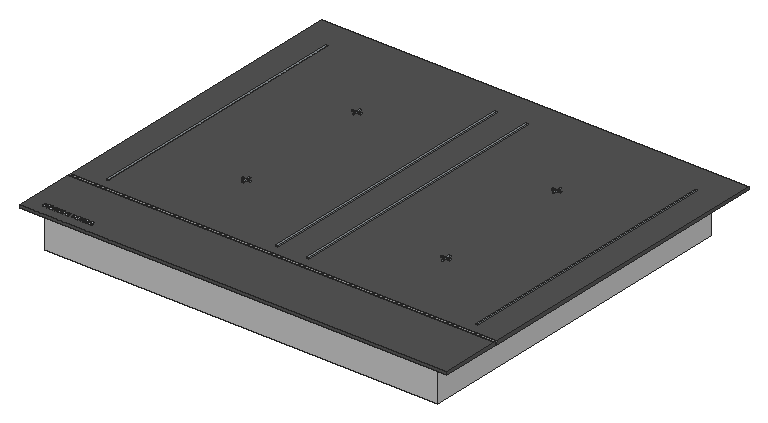
Revit family "FP_Revit_18_CI604DTB2_Cooktop_90000847A", category Specialty Equipment, Revit 2018
Family settings
  Round Connector Dimension = Use Diameter
  Part Type = Normal
  OmniClass Number = 23.40.40.14.17.11
  OmniClass Title = Cookers, Ovens, Stoves
  Work Plane-Based = No
  Always vertical = Yes
  Cut with Voids When Loaded = Yes
  Shared = No
  Room Calculation Point = No
Parameters
  Visibility - Clearance Required = yes
  URL = "www.fisherpaykel.com"
  Product - Width = 599 mm  # constant formula
  Product - Height = 54 mm  # constant formula
  Product - Depth = 530 mm  # constant formula
  Model = "CI604DTB2"
  Material - Trim = Fisher & Paykel - Steel, Chrome Plated
  Material - Graphics = Fisher & Paykel - Graphics Grey
  Material - Cooktop = Fisher & Paykel - Glass, Black
  Material - Body = Fisher & Paykel - Grey
  Manufacturer = "Fisher & Paykel Appliances"
  FFL Offset [instance] = 900 mm
  Description = "60cm Induction Cooktop"
  Connector Note - Electrical = "220-240 V, 30 A, 50 Hz,"
  Clearance - Side Combustible = 30 mm  # constant formula
  Clearance - Rear Combustible = 30 mm  # constant formula
  Clearance - Overhead Rangehood = 650 mm  # constant formula
  Clearance - Below = 65 mm  # constant formula
  Chassis - Width = 552 mm  # constant formula
  Chassis - Height = 49 mm  # constant formula
  Chassis - Depth = 480 mm  # constant formula
  Cavity - Width = 560 mm  # constant formula
  Cavity - Height = 65 mm  # constant formula
  Cavity - Depth = 490 mm  # constant formula
Reference planes
  plane 1 "Datum": y = 0
  plane 2: z = 0
  plane 3 "Center (Left/Right)": x = 0
  plane 4 "Product LHS": x = -299.5
  plane 5 "Product RHS": x = 299.5
  plane 6 "Product - Depth": y = 530
  plane 7 "Cavity LHS": x = -280
  plane 8 "Cavity RHS": x = 280
  plane 9 "Cavity - Depth": y = 497.2
  plane 10 "Chassis Front": y = 13.2
  plane 11 "Chassis - Depth": y = 493.2
  plane 12 "Cavity - Front": y = 7.2
  plane 13 "Basepan": z = 851
  plane 14 "Benchtop": z = 900
  plane 15 "Glass": z = 905
Forms (mm)
  Extrusion 1, solid, material "Fisher & Paykel - Glass, Black" <- "Material - Cooktop"
    sketch origin (0, 0, 0) x (0, 1, 0) y (0, 0, 1)
      loop
        line (0, 905) -> (0, 901) -> (85, 901) -> (85, 905) -> (0, 905)
      loop
        line (530, 905) -> (88, 905) -> (88, 901) -> (530, 901) -> (530, 905)
    from -299.5 to 299.5
  Extrusion 2, solid, material "Fisher & Paykel - Clearance Required (Cutout)", visible <- "Visibility - Clearance Required", detail levels coarse
    sketch origin (0, 24.768, 0) x (1, 0, 0) y (0, 1, 0)
      loop
        line (-280, 472.432) -> (-280, -17.568) -> (280, -17.568) -> (280, 472.432) -> (-280, 472.432)
    from 835 to 900
  Extrusion 3, solid, material "Fisher & Paykel - Steel, Chrome Plated" <- "Material - Trim", detail levels medium+fine
    sketch origin (0, 0, 0) x (0, 1, 0) y (0, 0, 1)
      loop
        line (88, 906) -> (85, 906) -> (85, 901) -> (88, 901) -> (88, 906)
    from -299.5 to 299.5
  Extrusion 4, solid, material "Fisher & Paykel - Clearance Required (Rangehood)", visible <- "Visibility - Clearance Required", detail levels coarse
    sketch origin (0, 0, 0) x (1, 0, 0) y (0, 1, 0)
      loop
        line (-310, 0) -> (310, 0) -> (310, 527.2) -> (-310, 527.2) -> (-310, 0)
    from 905 to 1555
  Extrusion 5, solid, material "Fisher & Paykel - Grey" <- "Material - Body"
    sketch origin (0, 0, 0) x (0, 1, 0) y (0, 0, 1)
      loop
        line (493.2, 851) -> (493.2, 900) -> (13.2, 900) -> (13.2, 851) -> (493.2, 851)
    from -276 to 276
  Extrusion 6, solid, material "Fisher & Paykel - Grey" <- "Material - Body"
    sketch origin (-151, 0, 0) x (1, 0, 0) y (0, 1, 0)
      loop
        line (-132, 520.2) -> (-132, 8.39) -> (434, 8.39) -> (434, 520.2) -> (-132, 520.2)
    from 900 to 901
  Extrusion 7, solid, material "Fisher & Paykel - Graphics Grey" <- "Material - Graphics", detail levels fine
    sketch origin (0, 0, 0) x (1, 0, 0) y (0, 1, 0)
      loop
        line (-260.343, 487.587) -> (-260.343, 103.669) -> (-258.143, 103.669) -> (-258.143, 487.587) -> (-260.343, 487.587)
      loop
        line (257.988, 487.856) -> (257.988, 103.669) -> (260.188, 103.669) -> (260.188, 487.856) -> (257.988, 487.856)
      loop
        line (22.728, 103.669) -> (22.728, 487.856) -> (20.728, 487.856) -> (20.728, 103.669) -> (22.728, 103.669)
      loop
        line (-20.643, 487.856) -> (-22.842, 487.856) -> (-22.842, 103.669) -> (-20.643, 103.669) -> (-20.643, 487.856)
      loop
        line (-141.406, 398.249) -> (-141.406, 393.083) -> (-146.572, 393.083) -> (-146.572, 391.115) -> (-141.406, 391.115) -> (-141.406, 385.949) -> (-139.438, 385.949) -> (-139.438, 391.115) -> (-134.272, 391.115) -> (-134.272, 393.083) -> (-139.438, 393.083) -> (-139.438, 398.249) -> (-141.406, 398.249)
      loop
        line (-141.406, 204.234) -> (-141.406, 199.068) -> (-146.572, 199.068) -> (-146.572, 197.1) -> (-141.406, 197.1) -> (-141.406, 191.934) -> (-139.438, 191.934) -> (-139.438, 197.1) -> (-134.272, 197.1) -> (-134.272, 199.068) -> (-139.438, 199.068) -> (-139.438, 204.234) -> (-141.406, 204.234)
      loop
        line (141.406, 398.249) -> (139.438, 398.249) -> (139.438, 393.083) -> (134.272, 393.083) -> (134.272, 391.115) -> (139.438, 391.115) -> (139.438, 385.949) -> (141.406, 385.949) -> (141.406, 391.115) -> (146.572, 391.115) -> (146.572, 393.083) -> (141.406, 393.083) -> (141.406, 398.249)
      loop
        line (141.406, 204.234) -> (139.438, 204.234) -> (139.438, 199.068) -> (134.272, 199.068) -> (134.272, 197.1) -> (139.438, 197.1) -> (139.438, 191.934) -> (141.406, 191.934) -> (141.406, 197.1) -> (146.572, 197.1) -> (146.572, 199.068) -> (141.406, 199.068) -> (141.406, 204.234)
    from 905 to 906
  Extrusion 8, solid, material "Fisher & Paykel - Grey" <- "Material - Body", detail levels fine
    sketch origin (0, 0, 0) x (1, 0, 0) y (0, 1, 0)
      loop
        circle (0, 473.2) r 5
    from 845 to 851
  Extrusion 9, void
    sketch origin (0, 24.768, 0) x (1, 0, 0) y (0, 1, 0)
      loop
        line (-280, 472.432) -> (-280, -17.568) -> (280, -17.568) -> (280, 472.432) -> (-280, 472.432)
    from 835 to 900
Text (mm)
  text "Due to ongoing product development, product details are subject to change without notice. \nPlease always refer to www.fisherpaykel.com for the most current product information. \n© Fisher & Paykel 2020" at (41.04, -102.478, 0), in view "Ref. Level (Plan)"
Dimensions and locks
  equal spacing: plane 4 "Product LHS", plane 3 "Center (Left/Right)", plane 5 "Product RHS"
  "Product - Width": plane 4 "Product LHS" to plane 5 "Product RHS"
  equal spacing: plane 7 "Cavity LHS", plane 3 "Center (Left/Right)", plane 8 "Cavity RHS"
  "Cavity - Width": plane 7 "Cavity LHS" to plane 8 "Cavity RHS"
  "Product - Depth": Extrusion 1 to plane 1 "Datum"
  equal spacing: Extrusion 5, plane 3 "Center (Left/Right)", Extrusion 5
  "Chassis - Width": Extrusion 5 to Extrusion 5
  equal spacing: Extrusion 6, plane 3 "Center (Left/Right)", Extrusion 6
  locked: plane 1 "Datum" to plane 10 "Chassis Front" at 13.2
  plane 10 "Chassis Front" to plane 12 "Cavity - Front" = 6 mm
  "Cavity - Depth": plane 9 "Cavity - Depth" to plane 12 "Cavity - Front"
  "Chassis - Depth": plane 11 "Chassis - Depth" to plane 10 "Chassis Front"
  locked: plane 15 "Glass" to plane 14 "Benchtop" at 5
  "Chassis - Height": plane 14 "Benchtop" to plane 13 "Basepan"
  "FFL Offset": plane 14 "Benchtop" to level
  locked: plane 15 "Glass" to Extrusion 1 sketch curve at 4
  "Clearance - Below": plane 14 "Benchtop" to Extrusion 2
  locked: plane 14 "Benchtop" to Extrusion 8 at 55
  locked: Extrusion 7 to plane 15 "Glass" at 1
  locked: nested 1 to plane 15 "Glass" at 0.8
  "Clearance - Overhead Rangehood": Extrusion 4 to plane 15 "Glass"
  "Clearance - Side Combustible": plane 8 "Cavity RHS" to Extrusion 4
  "Clearance - Side Combustible": Extrusion 4 to plane 7 "Cavity LHS"
  "Clearance - Rear Combustible": Extrusion 4 to plane 9 "Cavity - Depth"
  locked: Extrusion 3 to Extrusion 4 at 1
  aligned and locked: level to plane 2
  aligned and locked: Extrusion 1 to plane 5 "Product RHS"
  aligned and locked: plane 4 "Product LHS" to Extrusion 1
  aligned and locked: plane 4 "Product LHS" to Extrusion 3
  aligned and locked: Extrusion 3 to plane 5 "Product RHS"
  aligned and locked: plane 9 "Cavity - Depth" to Extrusion 2
  aligned and locked: plane 11 "Chassis - Depth" to Extrusion 5
  aligned and locked: Extrusion 5 to Extrusion 6
  aligned and locked: Extrusion 8 to Extrusion 5
  aligned and locked: plane 14 "Benchtop" to Extrusion 5
  aligned and locked: Extrusion 5 to plane 13 "Basepan"
  aligned and locked: Extrusion 2 to Extrusion 5
  aligned and locked: Extrusion 4 to plane 15 "Glass"
  aligned and locked: Extrusion 1 sketch curve to plane 15 "Glass"
  aligned and locked: Extrusion 1 to Extrusion 7
  aligned and locked: Extrusion 9 to Extrusion 2  (x2)
  aligned and locked: Extrusion 1 sketch curve to Extrusion 1 sketch curve
  aligned and locked: Extrusion 6 to Extrusion 1
  aligned and locked: Extrusion 3 to Extrusion 1
Automatic sketch dimensions
  Extrusion 2 sketch curve to plane 12 "Cavity - Front" = 0 mm
  plane 9 "Cavity - Depth" to Extrusion 2 sketch curve = 0 mm
  plane 7 "Cavity LHS" to Extrusion 2 sketch curve = 0 mm
  Extrusion 2 sketch curve to plane 8 "Cavity RHS" = 0 mm
  Extrusion 3 sketch curve to plane 1 "Datum" = 85 mm
  plane 14 "Benchtop" to Extrusion 3 sketch curve = 1 mm
  plane 15 "Glass" to Extrusion 3 sketch curve = 1 mm
  plane 12 "Cavity - Front" to Extrusion 3 sketch curve = 80.8 mm
  plane 1 "Datum" to Extrusion 4 sketch curve = 0 mm
  Extrusion 4 sketch curve to plane 6 "Product - Depth" = 2.8 mm
  plane 4 "Product LHS" to Extrusion 4 sketch curve = 10.5 mm
  Extrusion 4 sketch curve to plane 5 "Product RHS" = 10.5 mm
  Extrusion 5 sketch curve to plane 10 "Chassis Front" = 0 mm
  Extrusion 5 sketch curve to plane 11 "Chassis - Depth" = 0 mm
  Extrusion 5 sketch curve to plane 13 "Basepan" = 0 mm
  Extrusion 5 sketch curve to plane 14 "Benchtop" = 0 mm
  plane 12 "Cavity - Front" to Extrusion 6 sketch curve = 1.189 mm
  plane 7 "Cavity LHS" to Extrusion 6 sketch curve = 3 mm
  Extrusion 6 sketch curve to plane 8 "Cavity RHS" = 3 mm
  Extrusion 6 sketch curve to plane 6 "Product - Depth" = 9.8 mm
  Extrusion 7 sketch curve to plane 7 "Cavity LHS" = 19.657 mm
  Extrusion 7 sketch curve to Extrusion 7 sketch curve = 2.2 mm  (x3)
  Extrusion 7 sketch curve to plane 7 "Cavity LHS" = 133.428 mm  (x2)
  Extrusion 7 sketch curve to Extrusion 7 sketch curve = 5.166 mm  (x16)
  Extrusion 7 sketch curve to Extrusion 7 sketch curve = 0 mm  (x10)
  Extrusion 7 sketch curve to Extrusion 7 sketch curve = 1.968 mm  (x15)
  Extrusion 7 sketch curve to plane 11 "Chassis - Depth" = 5.344 mm  (x3)
  Extrusion 7 sketch curve to plane 3 "Center (Left/Right)" = 22.842 mm
  plane 3 "Center (Left/Right)" to Extrusion 7 sketch curve = 20.728 mm
  Extrusion 7 sketch curve to Extrusion 7 sketch curve = 2 mm
  plane 3 "Center (Left/Right)" to Extrusion 7 sketch curve = 134.272 mm  (x2)
  plane 8 "Cavity RHS" to Extrusion 7 sketch curve = 22.012 mm
  Extrusion 7 sketch curve to plane 11 "Chassis - Depth" = 5.613 mm
  Extrusion 7 sketch curve to plane 11 "Chassis - Depth" = 94.951 mm  (x2)
  Extrusion 7 sketch curve to Extrusion 7 sketch curve = 181.715 mm  (x2)
  plane 10 "Chassis Front" to Extrusion 7 sketch curve = 90.469 mm  (x3)
  Extrusion 8 sketch curve to plane 3 "Center (Left/Right)" = 0 mm
  Extrusion 8 sketch curve to plane 11 "Chassis - Depth" = 20 mm
  Extrusion 9 sketch curve to plane 12 "Cavity - Front" = 0 mm
  plane 9 "Cavity - Depth" to Extrusion 9 sketch curve = 0 mm
  plane 7 "Cavity LHS" to Extrusion 9 sketch curve = 0 mm
  Extrusion 9 sketch curve to plane 8 "Cavity RHS" = 0 mm
  Extrusion 1 sketch curve to plane 1 "Datum" = 0 mm
  Extrusion 1 sketch curve to plane 15 "Glass" = 0 mm
  Extrusion 1 sketch curve to plane 6 "Product - Depth" = 0 mm
  plane 10 "Chassis Front" to Extrusion 1 sketch curve = 71.8 mm
  Extrusion 1 sketch curve to Extrusion 1 sketch curve = 3 mm
  radius of Extrusion 8 sketch curve = 5 mm
Nested families
  nested 1: "F&P Logo 70mm Horizontal" at (-244.001, 14.253, 905), type "F&P Logo 70mm Horizontal"
Connectors
  electrical at (0, 473.2, 845), driven by "Connector Note - Electrical"
    settings: on Extrusion 8, index 1, voltage 230 V, apparent load 0 VA, apparent load phase1 0 VA, apparent load phase2 0 VA, apparent load phase3 0 VA, power factor 1, load classification "Other", number of poles 1, system type 30, power factor state 1, is connector primary yes, connector utility no, sub classification motor no, connector description "220-240 V, 30 A, 50 Hz,"
Definition of nested family "F&P Logo 70mm Horizontal"
  Parameters (values of type "F&P Logo 70mm Horizontal")
    URL = "www.fisherpaykel.com"
    Material - Logo = none
    Manufacturer = "Fisher & Paykel Appliances"
  Reference planes
    plane 1 "Center (Front/Back)": y = 0
    plane 2: z = 0
    plane 3 "Center (Left/Right)": x = 0
  Forms (mm)
    Extrusion 1, solid, material <- "Material - Logo", detail levels fine
      sketch origin (0, 0, 0) x (1, 0, 0) y (0, 1, 0)
        loop
          line (-34.997, -0.356) -> (-33.895, -0.356) -> (-33.895, 1.141) -> (-32.174, 1.141) -> (-32.174, 2.075) -> (-33.895, 2.075) -> (-33.895, 2.943) -> (-32.023, 2.943) -> (-32.023, 3.872) -> (-34.997, 3.872) -> (-34.997, -0.356)
        loop
          line (-29.929, 3.872) -> (-29.929, -0.356) -> (-28.828, -0.356) -> (-28.828, 3.872) -> (-29.929, 3.872)
        loop
          line (-21.473, 3.872) -> (-21.473, -0.356) -> (-20.372, -0.356) -> (-20.372, 1.338) -> (-18.754, 1.338) -> (-18.754, -0.356) -> (-17.652, -0.356) -> (-17.652, 3.872) -> (-18.754, 3.872) -> (-18.754, 2.268) -> (-20.372, 2.268) -> (-20.372, 3.872) -> (-21.473, 3.872)
        loop
          line (-15.301, 3.872) -> (-15.301, -0.356) -> (-12.288, -0.356) -> (-12.288, 0.444) -> (-14.209, 0.444) -> (-14.209, 1.338) -> (-12.453, 1.338) -> (-12.453, 2.268) -> (-14.209, 2.268) -> (-14.209, 3.072) -> (-12.288, 3.072) -> (-12.288, 3.872) -> (-15.301, 3.872)
        loop
          line (32, 3.872) -> (32, -0.356) -> (35.003, -0.356) -> (35.003, 0.574) -> (33.102, 0.574) -> (33.102, 3.872) -> (32, 3.872)
        loop
          line (29.735, 3.872) -> (26.712, 3.872) -> (26.712, -0.356) -> (29.735, -0.356) -> (29.735, 0.444) -> (27.814, 0.444) -> (27.814, 1.338) -> (29.57, 1.338) -> (29.57, 2.268) -> (27.814, 2.268) -> (27.814, 3.072) -> (29.735, 3.072) -> (29.735, 3.872)
        loop
          line (23.449, 1.848) -> (25.012, 3.872) -> (23.724, 3.872) -> (22.374, 2.124) -> (22.374, 3.872) -> (21.273, 3.872) -> (21.273, -0.356) -> (22.374, -0.356) -> (22.374, 1.538) -> (23.765, -0.356) -> (25.067, -0.356) -> (23.449, 1.848)
        loop
          line (15.42, 3.872) -> (17.017, 1.338) -> (17.017, -0.356) -> (18.119, -0.356) -> (18.119, 1.283) -> (19.717, 3.872) -> (18.546, 3.872) -> (17.603, 2.239) -> (16.66, 3.872) -> (15.42, 3.872)
        loop
          line (12.969, 3.872) -> (11.922, 3.872) -> (10.2, -0.356) -> (11.282, -0.356) -> (11.585, 0.422) -> (13.278, 0.422) -> (13.581, -0.356) -> (14.69, -0.356) -> (12.969, 3.872)
        loop
          line (12.913, 1.352) -> (12.419, 2.566) -> (11.946, 1.352) -> (12.913, 1.352)
        loop
          line (5.556, 3.872) -> (5.556, -0.356) -> (6.653, -0.356) -> (6.653, 1.001) -> (7.453, 1.001)
          spline (7.453, 1.001) -> (7.884, 1.05) -> (8.285, 1.193) -> (8.63, 1.421) -> (8.895, 1.719) -> (9.061, 2.065) -> (9.118, 2.436) -> (9.061, 2.808) -> (8.895, 3.154) -> (8.63, 3.452) -> (8.285, 3.68) -> (7.884, 3.823) -> (7.453, 3.872)
          line (7.453, 3.872) -> (5.556, 3.872)
        loop
          spline (7.385, 1.882) -> (7.558, 1.9) -> (7.72, 1.953) -> (7.858, 2.037) -> (7.965, 2.147) -> (8.032, 2.275) -> (8.055, 2.412) -> (8.032, 2.55) -> (7.965, 2.677) -> (7.858, 2.787) -> (7.72, 2.872) -> (7.558, 2.924) -> (7.385, 2.943)
          line (7.385, 2.943) -> (6.585, 2.943) -> (6.585, 1.882) -> (7.385, 1.882)
        loop
          line (-8.294, 2.943) -> (-9.094, 2.943) -> (-9.094, 1.781) -> (-8.294, 1.781)
          spline (-8.294, 1.781) -> (-8.121, 1.801) -> (-7.96, 1.859) -> (-7.822, 1.951) -> (-7.716, 2.072) -> (-7.649, 2.212) -> (-7.626, 2.362) -> (-7.649, 2.512) -> (-7.716, 2.652) -> (-7.822, 2.772) -> (-7.96, 2.865) -> (-8.121, 2.923) -> (-8.294, 2.943)
        loop
          line (-8.214, 3.872) -> (-10.262, 3.872) -> (-10.262, -0.356) -> (-9.094, -0.356) -> (-9.094, 0.492) -> (-8.294, 0.492) -> (-7.647, -0.356) -> (-6.373, -0.356) -> (-7.445, 1.016)
          spline (-7.445, 1.016) -> (-7.148, 1.205) -> (-6.902, 1.45) -> (-6.72, 1.739) -> (-6.611, 2.058) -> (-6.58, 2.391) -> (-6.628, 2.723) -> (-6.754, 3.037) -> (-6.95, 3.317) -> (-7.208, 3.551) -> (-7.515, 3.726) -> (-7.856, 3.835) -> (-8.214, 3.872)
        loop
          line (0.368, 2.943) -> (0.368, 3.951) -> (-2.559, 3.951) -> (-2.559, 3.151) -> (-2.048, 2.522)
          spline (-2.048, 2.522) -> (-2.373, 2.187) -> (-2.606, 1.789) -> (-2.731, 1.355) -> (-2.74, 0.914) -> (-2.632, 0.497) -> (-2.414, 0.133) -> (-2.102, -0.155) -> (-1.716, -0.347) -> (-1.283, -0.429) -> (-0.832, -0.395) -> (-0.395, -0.249) -> (0, 0)
          line (0, 0) -> (0.504, -0.621) -> (1.644, -0.621) -> (0.602, 0.712) -> (1.591, 2.137) -> (0.459, 2.137) -> (0.003, 1.48) -> (-1.14, 2.943) -> (0.368, 2.943)
        loop
          spline (-1.353, 1.874) -> (-1.563, 1.673) -> (-1.729, 1.449) -> (-1.839, 1.217) -> (-1.886, 0.992) -> (-1.867, 0.792) -> (-1.783, 0.627) -> (-1.639, 0.511) -> (-1.447, 0.451) -> (-1.218, 0.451) -> (-0.968, 0.512) -> (-0.714, 0.628) -> (-0.475, 0.792)
          line (-0.475, 0.792) -> (-1.353, 1.874)
        loop
          arc (-25.449, 3.004) -> (-24.591, 2.949) -> (-23.808, 2.592) r 2.379
          line (-23.808, 2.592) -> (-23.808, 3.586)
          arc (-23.808, 3.586) -> (-24.619, 3.915) -> (-25.494, 3.936) r 2.437
          arc (-25.494, 3.936) -> (-26.617, 2.99) -> (-26.18, 1.588) r 1.327
          arc (-26.18, 1.588) -> (-25.746, 1.367) -> (-25.276, 1.236) r 2.46
          spline (-25.276, 1.236) -> (-25.124, 1.211) -> (-24.98, 1.158) -> (-24.856, 1.083) -> (-24.761, 0.989) -> (-24.703, 0.886) -> (-24.686, 0.78) -> (-24.713, 0.681) -> (-24.78, 0.596) -> (-24.882, 0.532) -> (-25.011, 0.494) -> (-25.158, 0.485) -> (-25.311, 0.505)
          arc (-25.311, 0.505) -> (-26.045, 0.647) -> (-26.714, 0.98) r 2.761
          line (-26.714, 0.98) -> (-26.714, -0.067)
          arc (-26.714, -0.067) -> (-25.66, -0.377) -> (-24.564, -0.318) r 3.237
          arc (-24.564, -0.318) -> (-23.597, 0.72) -> (-24.205, 2.002) r 1.263
          arc (-24.205, 2.002) -> (-24.834, 2.249) -> (-25.488, 2.42) r 5.78
          spline (-25.488, 2.42) -> (-25.537, 2.449) -> (-25.58, 2.49) -> (-25.615, 2.541) -> (-25.639, 2.6) -> (-25.653, 2.664) -> (-25.654, 2.73) -> (-25.644, 2.795) -> (-25.622, 2.856) -> (-25.59, 2.909) -> (-25.549, 2.953) -> (-25.502, 2.985) -> (-25.449, 3.004)
      from 0 to 0.8
  Dimensions and locks
    Extrusion 1 sketch curve to Extrusion 1 sketch curve = 70 mm
    aligned and locked: level to plane 2
